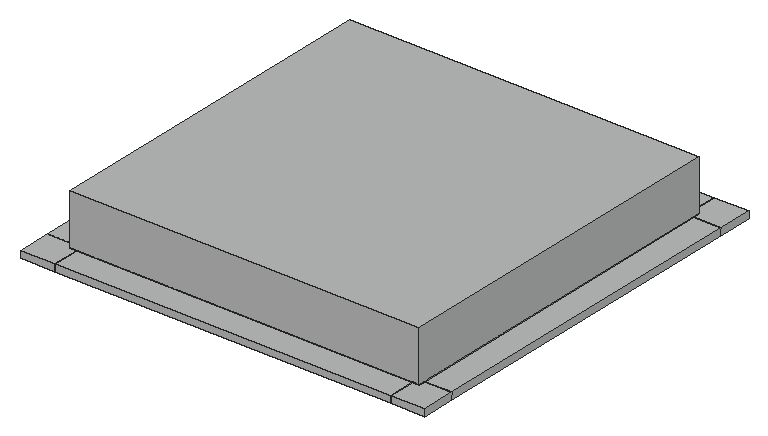
Revit family "ALUMOGIPS", category Осветительные приборы, Revit 2019 (continued)
Types (72, lengths in mm): name | Файл фотометрической сетки | built-in parameter 1150105 | Lumens | built-in parameter 1150106 | built-in parameter 1150142 | Wattage | Emit from Rectangle Width | Emit from Rectangle Length | Длина | Материал светильника | Ширина | ADSK_Ток | ADSK_Полная мощность | ADSK_Обозначение | ADSK_Номинальная мощность | ADSK_Наименование | ADSK_Масса | ADSK_Код изделия
  Alumogips-50/opal-sand 610х610 (IP40, 4000К, серый, грильято) | "Светильник ALUMOGIPS-50 OPAL-SAND-(610x610).IES" | 405.85 (stored number, unit not read) | 5100 lm | 4.0585 (stored number, unit not read) | "IESNA:LM-63-95\r\n[TEST] Протокол № 50-14\r\n[DATA] 15.06.2016\r\n[MORE] \r\n[MANUFAC] ЗАО \"Центрстройсвет\"\r\n[LUMCAT]  Светильник ALUMOGIPS-50/OPAL-SAND-(610x610)\r\n[LUMINAIRE]\r\n[LAMPCAT] Светодиоды\r\n[LAMP] Поток источника света (светодиодов) не известен\r\n[MORE] КСС приведена в абсолютных величинах кд\r\n[MORE] Вместо потока лампы, указан поток светильника.\r\nTILT=NONE\r\n1    5060 1.0 37 73 1 2 0.61 0.61 0.04\r\n1.0 1.0 50.3\r\n0.0 5.0 10.0 15.0 20.0 25.0 30.0 35.0 40.0 45.0 50.0 55.0 60.0 65.0 70.0 75.0 80.0 85.0 90.0 95.0 100.0 105.0 110.0 115.0 120.0 125.0 130.0 135.0 140.0 145.0 150.0 155.0 160.0 165.0 170.0 175.0 180.0\r\n0.0 5.0 10.0 15.0 20.0 25.0 30.0 35.0 40.0 45.0 50.0 55.0 60.0 65.0 70.0 75.0 80.0 85.0 90.0 95.0 100.0 105.0 110.0 115.0 120.0 125.0 130.0 135.0 140.0 145.0 150.0 155.0 160.0 165.0 170.0 175.0 180.0 185.0 190.0 195.0 200.0 205.0 210.0 215.0 220.0 225.0 230.0 235.0 240.0 245.0 250.0 255.0 260.0 265.0 270.0 275.0 280.0 285.0 290.0 295.0 300.0 305.0 310.0 315.0 320.0 325.0 330.0 335.0 340.0 345.0 350.0 355.0 360.0\r\n1887.5 1882.3 1843.4 1792.0 1724.0 1631.5 1531.1 1419.3 1293.7 1161.5 1026.7 886.8 740.0 595.0 455.2 319.9 194.6 81.1 4.9 0.0 0.0 0.0 0.0 0.0 0.0 0.0 0.0 0.0 0.0 0.0 0.0 0.0 0.0 0.0 0.0 0.0 0.0\r\n1887.5 1882.9 1846.0 1797.8 1725.1 1630.8 1538.9 1418.0 1289.1 1162.9 1024.5 883.4 740.5 598.7 455.8 320.4 195.7 82.0 5.0 0.0 0.0 0.0 0.0 0.0 0.0 0.0 0.0 0.0 0.0 0.0 0.0 0.0 0.0 0.0 0.0 0.0 0.0\r\n1887.5 1884.1 1849.8 1793.9 1724.1 1633.5 1538.1 1421.4 1298.2 1165.1 1027.4 885.2 742.6 599.8 457.4 322.3 197.1 83.7 5.4 0.0 0.0 0.0 0.0 0.0 0.0 0.0 0.0 0.0 0.0 0.0 0.0 0.0 0.0 0.0 0.0 0.0 0.0\r\n1887.5 1885.6 1850.0 1796.3 1725.8 1632.2 1533.7 1422.0 1295.8 1167.8 1030.8 886.1 743.6 597.9 459.5 322.2 196.9 83.7 5.4 0.0 0.0 0.0 0.0 0.0 0.0 0.0 0.0 0.0 0.0 0.0 0.0 0.0 0.0 0.0 0.0 0.0 0.0\r\n1887.5 1886.5 1849.9 1795.8 1721.4 1639.6 1534.8 1418.0 1296.4 1168.3 1027.2 886.6 744.0 600.2 457.7 323.1 197.0 84.2 5.3 0.0 0.0 0.0 0.0 0.0 0.0 0.0 0.0 0.0 0.0 0.0 0.0 0.0 0.0 0.0 0.0 0.0 0.0\r\n1887.5 1885.6 1848.0 1795.1 1728.2 1636.1 1537.7 1424.4 1296.7 1163.9 1028.1 885.4 746.1 599.2 456.9 323.0 198.1 84.6 6.1 0.0 0.0 0.0 0.0 0.0 0.0 0.0 0.0 0.0 0.0 0.0 0.0 0.0 0.0 0.0 0.0 0.0 0.0\r\n1887.5 1884.2 1849.8 1792.9 1722.3 1637.3 1537.3 1423.8 1299.0 1162.9 1028.1 889.2 746.4 599.2 458.6 325.2 198.7 85.0 6.5 0.0 0.0 0.0 0.0 0.0 0.0 0.0 0.0 0.0 0.0 0.0 0.0 0.0 0.0 0.0 0.0 0.0 0.0\r\n1887.5 1884.0 1850.9 1800.1 1725.4 1633.0 1534.3 1421.2 1294.0 1160.9 1028.3 886.0 747.4 600.7 459.7 325.6 199.2 86.0 6.2 0.0 0.0 0.0 0.0 0.0 0.0 0.0 0.0 0.0 0.0 0.0 0.0 0.0 0.0 0.0 0.0 0.0 0.0\r\n1887.5 1884.0 1850.4 1799.2 1722.9 1634.9 1528.6 1423.0 1298.2 1162.3 1032.0 888.7 743.9 600.7 461.8 326.2 199.2 86.6 6.1 0.0 0.0 0.0 0.0 0.0 0.0 0.0 0.0 0.0 0.0 0.0 0.0 0.0 0.0 0.0 0.0 0.0 0.0\r\n1887.5 1883.3 1848.8 1801.0 1723.6 1638.0 1538.5 1425.1 1297.5 1166.1 1029.5 886.1 746.3 605.4 461.8 326.3 201.2 87.0 6.2 0.0 0.0 0.0 0.0 0.0 0.0 0.0 0.0 0.0 0.0 0.0 0.0 0.0 0.0 0.0 0.0 0.0 0.0\r\n1887.5 1883.3 1850.6 1797.3 1725.8 1637.1 1533.1 1417.5 1298.3 1167.1 1027.2 888.0 746.2 603.2 463.6 327.0 201.7 88.1 6.5 0.0 0.0 0.0 0.0 0.0 0.0 0.0 0.0 0.0 0.0 0.0 0.0 0.0 0.0 0.0 0.0 0.0 0.0\r\n1887.5 1883.7 1849.0 1797.7 1720.9 1638.5 1535.3 1424.4 1299.6 1168.5 1035.4 889.6 749.8 603.4 465.3 328.4 201.8 88.8 7.0 0.0 0.0 0.0 0.0 0.0 0.0 0.0 0.0 0.0 0.0 0.0 0.0 0.0 0.0 0.0 0.0 0.0 0.0\r\n1887.5 1883.1 1852.7 1797.3 1728.6 1639.3 1538.4 1423.7 1303.2 1168.1 1029.2 892.4 748.1 605.8 464.0 329.6 202.9 89.8 7.0 0.0 0.0 0.0 0.0 0.0 0.0 0.0 0.0 0.0 0.0 0.0 0.0 0.0 0.0 0.0 0.0 0.0 0.0\r\n1887.5 1881.9 1853.7 1798.9 1724.8 1637.5 1543.5 1423.8 1299.9 1170.3 1024.3 891.2 751.8 607.8 466.0 330.6 204.5 90.0 7.3 0.0 0.0 0.0 0.0 0.0 0.0 0.0 0.0 0.0 0.0 0.0 0.0 0.0 0.0 0.0 0.0 0.0 0.0\r\n1887.5 1881.8 1854.7 1797.4 1729.6 1638.4 1538.7 1420.0 1302.3 1168.1 1034.9 892.9 749.2 609.3 467.3 330.5 205.3 90.4 7.7 0.0 0.0 0.0 0.0 0.0 0.0 0.0 0.0 0.0 0.0 0.0 0.0 0.0 0.0 0.0 0.0 0.0 0.0\r\n1887.5 1882.8 1852.5 1798.1 1725.4 1641.5 1535.9 1424.2 1305.0 1168.3 1036.9 895.1 752.7 610.0 468.0 330.8 206.4 91.1 7.9 0.0 0.0 0.0 0.0 0.0 0.0 0.0 0.0 0.0 0.0 0.0 0.0 0.0 0.0 0.0 0.0 0.0 0.0\r\n1887.5 1883.6 1853.4 1797.0 1722.9 1639.1 1537.8 1429.0 1302.2 1172.5 1035.6 896.5 751.3 608.9 469.2 331.4 207.3 92.2 8.2 0.0 0.0 0.0 0.0 0.0 0.0 0.0 0.0 0.0 0.0 0.0 0.0 0.0 0.0 0.0 0.0 0.0 0.0\r\n1887.5 1883.6 1850.7 1797.3 1726.9 1643.9 1542.2 1421.1 1302.3 1173.9 1036.7 893.3 752.7 610.7 470.3 331.8 207.5 92.8 8.4 0.0 0.0 0.0 0.0 0.0 0.0 0.0 0.0 0.0 0.0 0.0 0.0 0.0 0.0 0.0 0.0 0.0 0.0\r\n1887.5 1883.8 1850.5 1796.3 1728.7 1637.1 1539.6 1426.0 1310.2 1175.1 1036.5 895.8 754.0 609.7 469.6 332.7 208.2 93.1 8.5 0.0 0.0 0.0 0.0 0.0 0.0 0.0 0.0 0.0 0.0 0.0 0.0 0.0 0.0 0.0 0.0 0.0 0.0\r\n1887.5 1884.5 1848.7 1798.4 1728.4 1643.0 1541.1 1424.4 1306.1 1175.6 1035.2 895.7 753.2 610.0 470.1 333.6 209.0 93.8 8.7 0.0 0.0 0.0 0.0 0.0 0.0 0.0 0.0 0.0 0.0 0.0 0.0 0.0 0.0 0.0 0.0 0.0 0.0\r\n1887.5 1885.1 1846.5 1798.1 1728.3 1640.7 1538.4 1422.5 1302.2 1173.0 1035.2 900.5 754.9 610.9 470.6 333.2 208.6 94.1 8.3 0.0 0.0 0.0 0.0 0.0 0.0 0.0 0.0 0.0 0.0 0.0 0.0 0.0 0.0 0.0 0.0 0.0 0.0\r\n1887.5 1884.8 1851.0 1798.1 1730.2 1643.2 1541.6 1426.4 1303.3 1176.2 1035.7 896.2 754.5 612.8 472.6 334.1 209.1 94.5 8.3 0.0 0.0 0.0 0.0 0.0 0.0 0.0 0.0 0.0 0.0 0.0 0.0 0.0 0.0 0.0 0.0 0.0 0.0\r\n1887.5 1884.2 1851.7 1798.5 1729.5 1639.1 1536.0 1425.2 1302.7 1175.5 1036.5 898.0 758.2 612.7 468.9 335.3 208.8 94.8 9.1 0.0 0.0 0.0 0.0 0.0 0.0 0.0 0.0 0.0 0.0 0.0 0.0 0.0 0.0 0.0 0.0 0.0 0.0\r\n1887.5 1883.1 1853.9 1797.7 1724.9 1639.7 1541.8 1430.1 1304.9 1168.5 1037.8 897.4 754.1 610.4 472.0 334.6 209.1 95.3 8.8 0.0 0.0 0.0 0.0 0.0 0.0 0.0 0.0 0.0 0.0 0.0 0.0 0.0 0.0 0.0 0.0 0.0 0.0\r\n1887.5 1881.5 1850.2 1795.2 1729.7 1647.3 1540.3 1425.3 1308.1 1174.1 1040.2 896.3 755.4 612.5 470.5 335.6 209.7 95.4 8.7 0.0 0.0 0.0 0.0 0.0 0.0 0.0 0.0 0.0 0.0 0.0 0.0 0.0 0.0 0.0 0.0 0.0 0.0\r\n1887.5 1880.4 1847.4 1795.8 1726.1 1638.7 1541.7 1429.3 1302.6 1175.9 1038.5 897.9 751.3 611.6 471.1 335.6 209.6 95.3 9.2 0.0 0.0 0.0 0.0 0.0 0.0 0.0 0.0 0.0 0.0 0.0 0.0 0.0 0.0 0.0 0.0 0.0 0.0\r\n1887.5 1880.0 1850.3 1797.1 1726.4 1643.3 1536.0 1421.3 1303.6 1171.4 1038.6 895.9 755.7 612.4 470.9 336.2 208.7 95.8 9.1 0.0 0.0 0.0 0.0 0.0 0.0 0.0 0.0 0.0 0.0 0.0 0.0 0.0 0.0 0.0 0.0 0.0 0.0\r\n1887.5 1879.1 1850.7 1799.2 1725.1 1639.6 1536.4 1428.4 1302.2 1172.1 1033.4 895.3 754.1 612.8 470.7 335.5 209.1 96.7 9.0 0.0 0.0 0.0 0.0 0.0 0.0 0.0 0.0 0.0 0.0 0.0 0.0 0.0 0.0 0.0 0.0 0.0 0.0\r\n1887.5 1876.9 1845.6 1794.8 1724.8 1637.8 1537.7 1427.7 1305.4 1174.0 1036.9 896.0 755.2 613.5 471.4 337.3 209.9 96.1 9.4 0.0 0.0 0.0 0.0 0.0 0.0 0.0 0.0 0.0 0.0 0.0 0.0 0.0 0.0 0.0 0.0 0.0 0.0\r\n1887.5 1874.8 1849.0 1796.1 1725.5 1644.7 1539.3 1422.3 1296.7 1172.6 1036.6 895.8 752.9 610.2 470.9 336.1 209.8 95.5 9.5 0.0 0.0 0.0 0.0 0.0 0.0 0.0 0.0 0.0 0.0 0.0 0.0 0.0 0.0 0.0 0.0 0.0 0.0\r\n1887.5 1874.3 1850.7 1796.1 1722.3 1643.7 1535.4 1426.2 1297.3 1169.2 1033.9 896.5 756.1 608.4 469.6 336.8 208.8 95.7 9.0 0.0 0.0 0.0 0.0 0.0 0.0 0.0 0.0 0.0 0.0 0.0 0.0 0.0 0.0 0.0 0.0 0.0 0.0\r\n1887.5 1875.0 1847.6 1795.2 1726.0 1637.4 1538.8 1422.8 1302.3 1167.3 1031.4 892.2 753.9 609.3 470.2 335.4 209.4 95.6 9.2 0.0 0.0 0.0 0.0 0.0 0.0 0.0 0.0 0.0 0.0 0.0 0.0 0.0 0.0 0.0 0.0 0.0 0.0\r\n1887.5 1876.2 1846.7 1797.0 1722.9 1632.1 1531.8 1428.4 1297.9 1173.0 1032.8 893.5 750.3 609.2 468.7 334.5 208.8 95.2 9.5 0.0 0.0 0.0 0.0 0.0 0.0 0.0 0.0 0.0 0.0 0.0 0.0 0.0 0.0 0.0 0.0 0.0 0.0\r\n1887.5 1877.0 1845.0 1799.0 1728.3 1642.0 1532.1 1422.0 1297.5 1176.2 1034.8 896.4 752.7 609.9 470.0 333.7 209.6 95.2 9.1 0.0 0.0 0.0 0.0 0.0 0.0 0.0 0.0 0.0 0.0 0.0 0.0 0.0 0.0 0.0 0.0 0.0 0.0\r\n1887.5 1876.9 1842.6 1790.6 1724.9 1639.4 1536.1 1422.9 1304.1 1169.6 1035.5 895.3 751.4 609.1 469.0 332.6 209.1 95.1 9.2 0.0 0.0 0.0 0.0 0.0 0.0 0.0 0.0 0.0 0.0 0.0 0.0 0.0 0.0 0.0 0.0 0.0 0.0\r\n1887.5 1875.7 1845.4 1794.6 1719.6 1634.8 1535.6 1422.6 1301.8 1167.1 1036.6 892.0 752.3 605.8 469.0 332.7 209.1 93.9 9.3 0.0 0.0 0.0 0.0 0.0 0.0 0.0 0.0 0.0 0.0 0.0 0.0 0.0 0.0 0.0 0.0 0.0 0.0\r\n1887.5 1874.6 1846.6 1791.0 1719.4 1631.6 1534.3 1422.3 1303.5 1171.6 1032.3 893.0 750.0 606.5 467.5 330.0 206.4 92.9 8.4 0.0 0.0 0.0 0.0 0.0 0.0 0.0 0.0 0.0 0.0 0.0 0.0 0.0 0.0 0.0 0.0 0.0 0.0\r\n1887.5 1874.0 1843.1 1789.6 1720.6 1639.4 1534.3 1424.0 1300.8 1168.1 1030.2 892.1 748.2 609.2 467.1 330.4 206.0 92.1 7.9 0.0 0.0 0.0 0.0 0.0 0.0 0.0 0.0 0.0 0.0 0.0 0.0 0.0 0.0 0.0 0.0 0.0 0.0\r\n1887.5 1873.5 1842.4 1792.6 1720.8 1633.5 1535.7 1423.0 1296.8 1165.4 1028.6 890.9 749.2 606.9 466.1 329.8 204.3 90.7 7.8 0.0 0.0 0.0 0.0 0.0 0.0 0.0 0.0 0.0 0.0 0.0 0.0 0.0 0.0 0.0 0.0 0.0 0.0\r\n1887.5 1872.5 1843.5 1792.8 1719.4 1633.2 1530.8 1420.9 1295.9 1169.4 1030.4 892.0 748.4 604.3 464.0 329.4 203.7 91.1 7.3 0.0 0.0 0.0 0.0 0.0 0.0 0.0 0.0 0.0 0.0 0.0 0.0 0.0 0.0 0.0 0.0 0.0 0.0\r\n1887.5 1871.5 1840.6 1788.3 1723.9 1633.4 1533.4 1417.1 1296.6 1165.6 1026.8 888.1 749.6 603.5 465.6 328.3 203.4 90.8 6.9 0.0 0.0 0.0 0.0 0.0 0.0 0.0 0.0 0.0 0.0 0.0 0.0 0.0 0.0 0.0 0.0 0.0 0.0\r\n1887.5 1871.7 1837.5 1793.8 1715.8 1634.9 1538.0 1424.6 1298.1 1167.0 1028.0 888.7 747.9 603.5 465.2 327.9 201.8 90.2 7.0 0.0 0.0 0.0 0.0 0.0 0.0 0.0 0.0 0.0 0.0 0.0 0.0 0.0 0.0 0.0 0.0 0.0 0.0\r\n1887.5 1872.9 1840.2 1791.1 1722.4 1635.7 1532.7 1420.2 1295.0 1159.5 1029.1 888.4 746.9 600.5 462.3 328.7 201.0 90.1 6.9 0.0 0.0 0.0 0.0 0.0 0.0 0.0 0.0 0.0 0.0 0.0 0.0 0.0 0.0 0.0 0.0 0.0 0.0\r\n1887.5 1873.3 1840.5 1789.1 1721.5 1635.7 1530.6 1419.0 1297.0 1164.6 1027.8 889.2 744.1 604.1 463.3 327.1 201.1 89.2 6.4 0.0 0.0 0.0 0.0 0.0 0.0 0.0 0.0 0.0 0.0 0.0 0.0 0.0 0.0 0.0 0.0 0.0 0.0\r\n1887.5 1872.9 1835.7 1788.5 1722.3 1636.7 1534.0 1423.0 1296.7 1161.9 1026.4 886.9 745.3 601.5 461.8 326.2 200.5 88.4 6.3 0.0 0.0 0.0 0.0 0.0 0.0 0.0 0.0 0.0 0.0 0.0 0.0 0.0 0.0 0.0 0.0 0.0 0.0\r\n1887.5 1872.6 1838.3 1791.1 1724.9 1630.4 1531.8 1419.7 1295.3 1168.5 1027.5 880.9 745.5 601.1 461.5 326.5 199.4 87.5 6.3 0.0 0.0 0.0 0.0 0.0 0.0 0.0 0.0 0.0 0.0 0.0 0.0 0.0 0.0 0.0 0.0 0.0 0.0\r\n1887.5 1872.8 1840.3 1789.2 1719.5 1633.6 1532.6 1417.6 1294.5 1165.4 1020.8 885.7 745.3 602.2 460.4 324.3 199.3 87.3 6.1 0.0 0.0 0.0 0.1 0.2 0.0 0.0 0.0 0.0 0.0 0.0 0.0 0.0 0.0 0.0 0.0 0.0 0.0\r\n1887.5 1873.5 1838.6 1790.7 1722.3 1630.8 1530.5 1417.1 1295.0 1167.0 1025.9 884.6 740.9 599.5 459.4 323.2 199.3 86.7 5.7 0.0 0.0 0.0 0.2 0.4 0.0 0.0 0.0 0.0 0.0 0.0 0.0 0.0 0.0 0.0 0.0 0.0 0.0\r\n1887.5 1874.2 1837.3 1789.5 1719.1 1630.4 1533.5 1417.9 1293.0 1161.5 1026.6 886.5 743.5 600.4 460.1 323.6 198.7 86.1 5.9 0.0 0.0 0.0 0.4 0.6 0.0 0.0 0.0 0.0 0.0 0.0 0.0 0.0 0.0 0.0 0.0 0.0 0.0\r\n1887.5 1874.2 1840.2 1789.0 1715.5 1634.9 1530.0 1416.2 1292.8 1158.2 1025.3 884.7 740.5 599.4 458.3 323.4 197.9 85.3 5.9 0.0 0.0 0.0 0.4 0.9 0.0 0.0 0.0 0.0 0.1 0.0 0.0 0.0 0.0 0.0 0.0 0.0 0.0\r\n1887.5 1873.3 1839.1 1789.1 1718.1 1638.7 1537.0 1412.2 1291.9 1164.4 1026.0 883.3 742.8 598.7 456.7 321.5 197.8 84.6 5.7 0.0 0.0 0.0 0.2 0.8 0.0 0.0 0.0 0.0 0.1 0.0 0.0 0.0 0.0 0.0 0.0 0.0 0.0\r\n1887.5 1872.3 1839.4 1787.8 1714.0 1633.5 1527.1 1417.7 1293.5 1164.9 1025.5 883.9 738.3 599.4 457.0 320.6 197.3 83.5 5.9 0.0 0.0 0.0 0.0 0.1 0.2 0.0 0.0 0.0 0.1 0.0 0.0 0.0 0.0 0.0 0.0 0.0 0.0\r\n1887.5 1871.5 1840.6 1789.0 1716.8 1627.7 1530.9 1417.4 1291.4 1158.2 1021.7 888.3 739.3 596.4 457.7 320.6 196.6 83.1 5.8 0.0 0.0 0.0 0.0 0.0 0.0 0.0 0.0 0.0 0.1 0.0 0.0 0.0 0.0 0.0 0.0 0.0 0.0\r\n1887.5 1871.2 1839.5 1788.7 1714.7 1630.8 1533.3 1417.2 1290.6 1154.1 1021.7 884.9 739.3 596.6 457.4 319.4 195.8 83.0 5.3 0.0 0.0 0.0 0.0 0.0 0.0 0.0 0.0 0.0 0.1 0.0 0.0 0.0 0.0 0.0 0.0 0.0 0.0\r\n1887.5 1871.6 1839.7 1787.9 1720.6 1630.8 1533.9 1416.2 1290.9 1158.9 1021.9 880.6 741.2 596.3 457.0 320.0 195.2 82.5 4.7 0.0 0.0 0.0 0.0 0.0 0.0 0.0 0.0 0.0 0.1 0.0 0.0 0.0 0.0 0.0 0.0 0.0 0.0\r\n1887.5 1872.3 1838.1 1789.3 1712.9 1625.9 1525.4 1417.2 1291.8 1157.6 1020.0 883.4 740.0 594.9 454.8 318.6 194.2 81.9 4.7 0.0 0.0 0.0 0.0 0.0 0.0 0.0 0.0 0.0 0.1 0.0 0.0 0.0 0.0 0.0 0.0 0.0 0.0\r\n1887.5 1872.7 1839.6 1789.3 1718.6 1629.9 1525.5 1419.8 1293.5 1154.0 1020.1 878.8 736.9 593.7 456.1 318.4 193.6 81.4 4.3 0.0 0.0 0.0 0.0 0.0 0.0 0.0 0.0 0.0 0.1 0.0 0.0 0.0 0.0 0.0 0.0 0.0 0.0\r\n1887.5 1873.0 1840.9 1790.2 1716.4 1630.3 1526.9 1414.6 1285.9 1157.6 1025.3 882.6 736.3 594.0 453.5 317.4 193.8 80.8 3.8 0.0 0.0 0.0 0.0 0.0 0.0 0.0 0.0 0.0 0.1 0.0 0.0 0.0 0.0 0.0 0.0 0.0 0.0\r\n1887.5 1873.5 1841.2 1787.5 1718.4 1634.0 1528.6 1409.6 1285.8 1155.5 1025.3 876.4 735.1 594.3 453.7 316.4 192.5 80.5 4.0 0.0 0.0 0.0 0.0 0.0 0.0 0.0 0.0 0.0 0.1 0.0 0.0 0.0 0.0 0.0 0.0 0.0 0.0\r\n1887.5 1873.9 1841.6 1790.0 1717.7 1629.1 1528.0 1409.8 1288.0 1151.6 1019.8 875.9 736.5 592.3 451.8 318.0 191.7 80.2 4.0 0.0 0.0 0.0 0.0 0.0 0.0 0.0 0.0 0.0 0.0 0.0 0.0 0.0 0.0 0.0 0.0 0.0 0.0\r\n1887.5 1874.1 1841.0 1789.7 1717.2 1630.1 1529.9 1419.7 1290.4 1156.3 1022.8 880.3 733.7 593.5 452.4 316.0 191.3 79.4 3.9 0.0 0.0 0.0 0.0 0.0 0.0 0.0 0.0 0.0 0.0 0.0 0.0 0.0 0.0 0.0 0.0 0.0 0.0\r\n1887.5 1874.1 1840.2 1785.0 1714.5 1629.4 1527.7 1411.7 1290.1 1153.6 1017.8 879.3 733.8 592.9 451.3 315.7 191.7 79.2 4.4 0.0 0.0 0.0 0.0 0.0 0.0 0.0 0.0 0.0 0.0 0.0 0.0 0.0 0.0 0.0 0.0 0.0 0.0\r\n1887.5 1873.8 1839.2 1790.0 1722.6 1631.3 1526.9 1414.1 1288.6 1158.0 1021.7 880.4 735.8 589.7 453.5 315.5 191.2 78.9 4.5 0.0 0.0 0.0 0.0 0.0 0.0 0.0 0.0 0.0 0.0 0.0 0.0 0.0 0.0 0.0 0.0 0.0 0.0\r\n1887.5 1874.4 1838.4 1789.0 1718.1 1628.9 1522.6 1413.3 1284.8 1161.1 1020.5 878.5 734.8 593.7 450.4 316.4 190.5 79.1 4.3 0.0 0.0 0.0 0.0 0.0 0.0 0.0 0.0 0.0 0.0 0.0 0.0 0.0 0.0 0.0 0.0 0.0 0.0\r\n1887.5 1876.6 1839.3 1788.5 1718.4 1632.2 1524.7 1416.3 1290.0 1154.1 1020.6 876.5 736.6 594.2 448.6 316.5 189.8 78.5 4.1 0.0 0.0 0.0 0.0 0.0 0.0 0.0 0.0 0.0 0.0 0.0 0.0 0.0 0.0 0.0 0.0 0.0 0.0\r\n1887.5 1878.7 1842.1 1786.9 1714.7 1629.1 1527.4 1410.5 1293.4 1160.9 1018.3 878.4 735.0 594.0 451.4 313.5 190.7 78.3 3.7 0.0 0.0 0.0 0.0 0.0 0.0 0.0 0.0 0.0 0.0 0.0 0.0 0.0 0.0 0.0 0.0 0.0 0.0\r\n1887.5 1879.5 1841.9 1788.6 1717.1 1632.6 1529.5 1414.0 1286.1 1155.2 1023.1 878.2 734.9 591.7 452.9 315.4 190.4 78.3 3.4 0.0 0.0 0.0 0.0 0.0 0.0 0.0 0.0 0.0 0.0 0.0 0.0 0.0 0.0 0.0 0.0 0.0 0.0\r\n1887.5 1879.6 1839.7 1792.9 1715.8 1629.7 1529.6 1414.5 1293.2 1154.7 1019.1 880.1 734.7 589.5 450.3 315.4 190.2 78.5 3.7 0.0 0.0 0.0 0.0 0.0 0.0 0.0 0.0 0.0 0.0 0.0 0.0 0.0 0.0 0.0 0.0 0.0 0.0\r\n1887.5 1880.2 1841.8 1793.1 1721.7 1625.7 1529.1 1413.3 1291.5 1156.5 1017.9 882.6 737.0 593.8 452.9 315.8 189.7 78.7 3.6 0.0 0.0 0.0 0.0 0.0 0.0 0.0 0.0 0.0 0.0 0.0 0.0 0.0 0.0 0.0 0.0 0.0 0.0\r\n1887.5 1881.1 1842.4 1785.9 1716.3 1632.5 1528.4 1410.2 1289.5 1156.3 1018.9 875.2 736.4 595.3 452.5 315.3 191.0 79.0 3.5 0.0 0.0 0.0 0.0 0.0 0.0 0.0 0.0 0.0 0.0 0.0 0.0 0.0 0.0 0.0 0.0 0.0 0.0\r\n1887.5 1881.7 1845.0 1794.4 1714.9 1633.8 1528.0 1412.9 1290.1 1152.0 1023.1 875.3 736.1 593.0 453.1 316.0 191.8 79.6 3.9 0.0 0.0 0.0 0.0 0.0 0.0 0.0 0.0 0.0 0.0 0.0 0.0 0.0 0.0 0.0 0.0 0.0 0.0\r\n1887.5 1882.0 1844.3 1789.1 1721.3 1636.2 1528.4 1415.3 1289.9 1160.9 1019.9 882.0 736.6 593.6 453.1 317.2 192.7 80.3 4.5 0.0 0.0 0.0 0.0 0.0 0.0 0.0 0.0 0.0 0.0 0.0 0.0 0.0 0.0 0.0 0.0 0.0 0.0\r\n1887.5 1882.3 1843.4 1792.0 1724.0 1631.5 1531.1 1419.3 1293.7 1161.5 1026.7 886.8 740.0 595.0 455.2 319.9 194.6 81.1 4.9 0.0 0.0 0.0 0.0 0.0 0.0 0.0 0.0 0.0 0.0 0.0 0.0 0.0 0.0 0.0 0.0 0.0 0.0\r\n" | 34.3337 W | 590 | 590 | 610 | RAL 9006 | 610 | 0.236295 A | 54.3478 VA | "Alumogips-50/opal-sand 610х610 (IP40, 4000К, серый, грильято)" | 50 W | "Встраи
    ваемый светодиодный светильник Alumogips-50/opal-sand 610х610 (IP40, 4000К, серый, грильято)" | 2.5 | "ЦБ000007831"
